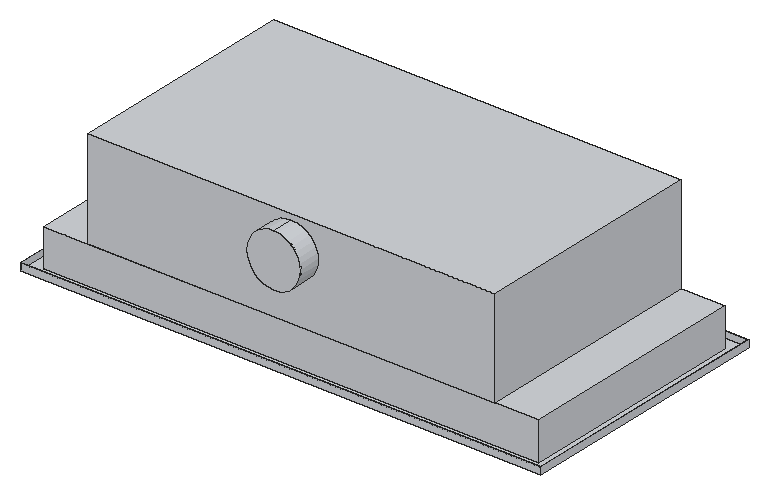
Revit family
Parameters (values of type "MV-2 - 24x48, 5" Round End Inlet")
  URL = "http://www.anemostat.com"
  Plenum Length = 37 5/16"
  Module Length = 48"
  Module Width = 24"
  Model = "MV-2 (Side Inlet)"
  Manufacturer = "Anemostat"
  Inlet Size = Duct Size - 1/8"  # 4 7/8"
  Inlet Radius = Inlet Size / 2  # 2 7/16"
  Duct Size = 5"
  Duct Radius = Duct Size / 2  # 2 1/2"
  Diff Length = Module Length - 1/4"  # 47 3/4"
  Diff Width = Module Width - 1/4"  # 23 3/4"
Types (13): name | Plenum Length | Module Length | Module Width | Model | Inlet Size | Inlet Radius | Duct Size | Duct Radius | Diff Length | Diff Width
  (no name) | 37 5/16" | 48" | 24" | "MV-2 (Side Inlet)" | 4 7/8" | 2 7/16" | 5" | 2 1/2" | 47 3/4" | 23 3/4"
  MV-2 - 12x48, 6" Round End Inlet | 37 5/16" | 48" | 12" | "MV-2 (End Inlet)" | 5 7/8" | 2 15/16" | 6" | 3" | 47 3/4" | 11 3/4"
  MV-2 - 12x48, 7" Round End Inlet | 37 5/16" | 48" | 12" | "MV-2 (End Inlet)" | 6 7/8" | 3 7/16" | 7" | 3 1/2" | 47 3/4" | 11 3/4"
  MV-2 - 12x48, 8" Round End Inlet | 37 5/16" | 48" | 12" | "MV-2 (End Inlet)" | 7 7/8" | 3 15/16" | 8" | 4" | 47 3/4" | 11 3/4"
  MV-2 - 12x48, 5" Round End Inlet | 37 5/16" | 48" | 12" | "MV-2 (End Inlet)" | 4 7/8" | 2 7/16" | 5" | 2 1/2" | 47 3/4" | 11 3/4"
  MV-2 - 24x24, 5" Round End Inlet | 21 5/16" | 24" | 24" | "MV-2 (End Inlet)" | 4 7/8" | 2 7/16" | 5" | 2 1/2" | 23 3/4" | 23 3/4"
  MV-2 - 24x24, 6" Round End Inlet | 21 5/16" | 24" | 24" | "MV-2 (End Inlet)" | 5 7/8" | 2 15/16" | 6" | 3" | 23 3/4" | 23 3/4"
  MV-2 - 24x24, 7" Round End Inlet | 21 5/16" | 24" | 24" | "MV-2 (End Inlet)" | 6 7/8" | 3 7/16" | 7" | 3 1/2" | 23 3/4" | 23 3/4"
  MV-2 - 24x24, 8" Round End Inlet | 21 5/16" | 24" | 24" | "MV-2 (End Inlet)" | 7 7/8" | 3 15/16" | 8" | 4" | 23 3/4" | 23 3/4"
  MV-2 - 24x48, 5" Round End Inlet | 37 5/16" | 48" | 24" | "MV-2 (Side Inlet)" | 4 7/8" | 2 7/16" | 5" | 2 1/2" | 47 3/4" | 23 3/4"
  MV-2 - 24x48, 6" Round End Inlet | 37 5/16" | 48" | 24" | "MV-2 (End Inlet)" | 5 7/8" | 2 15/16" | 6" | 3" | 47 3/4" | 23 3/4"
  MV-2 - 24x48, 7" Round End Inlet | 37 5/16" | 48" | 24" | "MV-2 (End Inlet)" | 6 7/8" | 3 7/16" | 7" | 3 1/2" | 47 3/4" | 23 3/4"
  MV-2 - 24x48, 8" Round End Inlet | 37 5/16" | 48" | 24" | "MV-2 (End Inlet)" | 7 7/8" | 3 15/16" | 8" | 4" | 47 3/4" | 23 3/4"
Reference planes (in)
  plane 1 "Center (Front/Back)": y = 0
  plane 2: z = 0
  plane 3 "Center (Left/Right)": x = 0
  plane 4: x = -23.875
  plane 5: x = 23.875
  plane 6 "Plenum Length Left": x = -18.65625
  plane 7 "Plenum Lenght Right": x = 18.65625
  plane 8: y = -11.875
  plane 9: y = 11.875
  plane 10 "Diff Front": y = -10.65625
  plane 11: y = 10.65625
  plane 12: x = -22.65625
  plane 13: x = 22.65625
  plane 14 "Diff Top": z = 3.5
  plane 15: z = 12.5
  plane 16: z = 0.625
  plane 17: z = 9.5625
  plane 18: z = 12
Forms (in)
  Sweep 1, solid
    path origin (0, 0, 0) x (1, 0, 0) y (0, 1, 0)
      loop
        line (-22.65625, 10.65625) -> (-22.65625, -10.65625) -> (22.65625, -10.65625) -> (22.65625, 10.65625) -> (-22.65625, 10.65625)
    profile origin (0, 10.65625, 0) x (0, 1, 0) y (0, 0, 1)
      loop
        line (1.21875, 0.625) -> (1.18575, 0.625) -> (1.18575, 0.033) -> (0, 0.033) -> (0, 0) -> (1.21875, 0) -> (1.21875, 0.625)
  Extrusion 2, solid
    sketch origin (0, 0, 0) x (1, 0, 0) y (0, 1, 0)
      loop
        line (-22.65625, 10.65625) -> (-22.65625, -10.65625) -> (22.65625, -10.65625) -> (22.65625, 10.65625) -> (-22.65625, 10.65625)
    from 0 to 3.5
  Extrusion 3, solid
    sketch origin (0, 0, 3.5) x (-1, 0, 0) y (0, -1, 0)
      loop
        line (18.65625, -10.65625) -> (18.65625, 10.65625) -> (-18.65625, 10.65625) -> (-18.65625, -10.65625) -> (18.65625, -10.65625)
    from 0 to 9
  Extrusion 4, solid
    sketch origin (0, -10.65625, 0) x (0, 0, 1) y (1, 0, 0)
      loop
        circle (9.5625, 0) r 2.4375
    from 0 to -2
Lines and regions (in)
  reference lines
    curve 1: line (0, 11.842, 1.01883) -> (0, 11.842, -0.73117)
    curve 2: line (0, 11.99172, 0.033) -> (0, -0.50828, 0.033)
    curve 3: line (0, -0.033, 0.90425) -> (0, -0.033, -0.59575)
    curve 4: line (0, 10.91532, 0.592) -> (0, -0.22316, 0.592)
    curve 5: line (0, 10.62325, 3.67775) -> (0, 10.62325, -0.25744)
Dimensions and locks (in)
  "Diff Length": plane 5 to plane 4
  equal spacing: plane 5, plane 3 "Center (Left/Right)", plane 4
  "Diff Width": plane 8 to plane 9
  equal spacing: plane 8, plane 1 "Center (Front/Back)", plane 9
  locked: plane 8 to plane 10 "Diff Front" at 1.21875
  locked: plane 11 to plane 9 at 1.21875
  locked: plane 12 to plane 4 at 1.21875
  locked: plane 5 to plane 13 at 1.21875
  "Plenum Length": plane 6 "Plenum Length Left" to plane 7 "Plenum Lenght Right"
  equal spacing: plane 6 "Plenum Length Left", plane 3 "Center (Left/Right)", plane 7 "Plenum Lenght Right"
  locked: plane 15 to plane 18 at 0.5
  "Inlet Radius": plane 18 to plane 17
  "Inlet Radius": radius of Extrusion 4 sketch curve
Automatic sketch dimensions
  level to curve 2 = 0.033"
  plane 1 "Center (Front/Back)" to curve 2 = 0.50828"
  curve 4 to plane 16 = 0.033"
  plane 1 "Center (Front/Back)" to curve 4 = 0.22316"
  plane 1 "Center (Front/Back)" to curve 3 = 0.033"
  curve 5 to plane 11 = 0.033"
  plane 11 to curve 4 = 0.25907"
  plane 9 to curve 1 = 0.033"
  curve 2 to plane 9 = 0.11672"
  curve 5 to level = 0.25744"
  curve 3 to level = 0.59575"
  curve 1 to level = 0.73117"
  plane 16 to curve 3 = 0.27925"
  plane 16 to curve 1 = 0.39383"
  plane 14 "Diff Top" to curve 5 = 0.17775"
  Sweep 1 sketch curve to plane 10 "Diff Front" = 0"
  Sweep 1 sketch curve to plane 12 = 0"
  Sweep 1 sketch curve to plane 13 = 0"
  Sweep 1 sketch curve to plane 11 = 0"
  Sweep 1 sketch curve to level = 0"
  Sweep 1 sketch curve to profile plane = 0"
  Sweep 1 sketch curve to profile plane = 1.18575"
  Sweep 1 sketch curve to Sweep 1 sketch curve = 0.033"
  level to Sweep 1 sketch curve = 0.033"
  Sweep 1 sketch curve to Sweep 1 sketch curve = 0.592"
  Extrusion 2 sketch curve to plane 10 "Diff Front" = 0"
  Extrusion 2 sketch curve to plane 12 = 0"
  Extrusion 2 sketch curve to plane 13 = 0"
  Extrusion 2 sketch curve to plane 11 = 0"
  Extrusion 3 sketch curve to plane 7 "Plenum Lenght Right" = 0"
  Extrusion 3 sketch curve to plane 6 "Plenum Length Left" = 0"
  Extrusion 3 sketch curve to plane 11 = 0"
  Extrusion 3 sketch curve to plane 10 "Diff Front" = 0"
  Extrusion 4 sketch curve to plane 3 "Center (Left/Right)" = 0"
  Extrusion 4 sketch curve to plane 17 = 0"
Connectors (in)
  hvac at (0, -12.65625, 9.5625), driven by "Duct Radius"
    settings: on Extrusion 4, index 1
